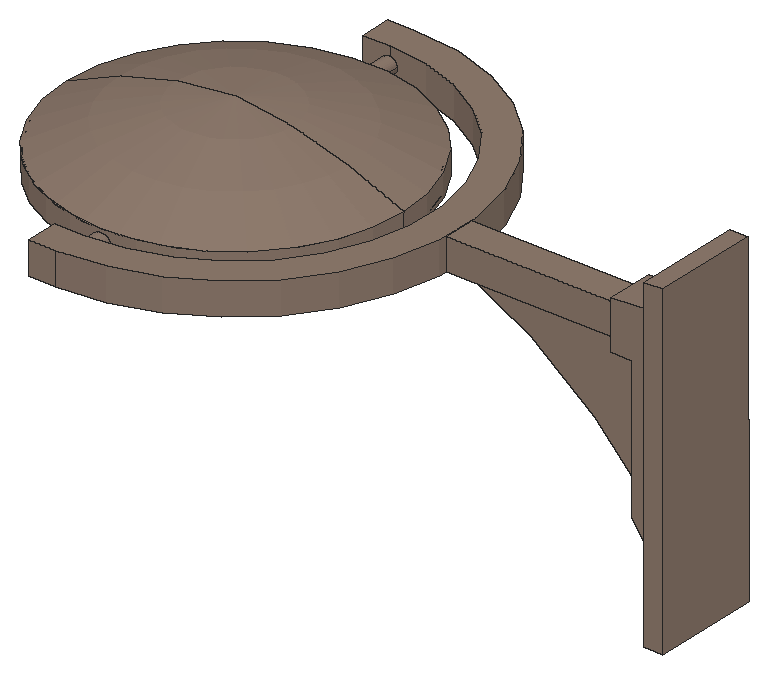
Revit family "LA6232", category Generic Models, Revit 2014
Parameters
  ARM = Bronze, Architectural
Reference planes (in)
  plane 1 "Center (Front/Back)": y = 0
  plane 2: z = 0
  plane 3 "Center (Left/Right)": x = 0
  plane 4: y = 2.5
  plane 5: y = -2.5
Forms (in)
  Extrusion 1, solid, material "Bronze, Architectural" <- "ARM"
    sketch origin (0.65942, 0, 1.07901) x (1, 0, 0) y (0, 0, 1)
      loop
        line (-1.53442, 16.55097) -> (-4.19457, 16.37362) -> (-4.19457, 14.125) -> (-3.19457, 14.08134) -> (-3.19457, 7.5625) -> (-1.53442, 5.07941) -> (-1.53442, 16.55097)
    from -1.125 to 1.125
  Revolve 2, solid, material "Bronze, Architectural" <- "ARM"
    sketch origin (2.43749, 0, 0.98452) x (1, 0, 0) y (0, 0, 1)
      loop
        line (-30.12499, 15.32822) -> (-30.12499, 15.42036) -> (-30.51524, 15.42036)
        arc (-30.51524, 15.42036) -> (-30.59407, 15.39211) -> (-30.63699, 15.32021) r 0.12408
        line (-30.63699, 15.32021) -> (-30.9417, 14.39095) -> (-31.15772, 14.39095)
        arc (-31.15772, 14.39095) -> (-31.19351, 14.38) -> (-31.21706, 14.35091) r 0.064
        line (-31.21706, 14.35091) -> (-31.33469, 14.05964) -> (-31.55906, 14.05964) -> (-32.10185, 14.86424) -> (-32.10185, 15.80574) -> (-32.19185, 15.80574) -> (-32.19185, 14.8785)
        arc (-32.19185, 14.8785) -> (-32.18589, 14.83862) -> (-32.16853, 14.80223) r 0.13638
        line (-32.16853, 14.80223) -> (-31.62465, 13.99601)
        arc (-31.62465, 13.99601) -> (-31.60218, 13.97578) -> (-31.57284, 13.96847) r 0.0625
        line (-31.57284, 13.96847) -> (-31.3192, 13.96847)
        arc (-31.3192, 13.96847) -> (-31.28599, 13.97862) -> (-31.26414, 14.00561) r 0.05939
        line (-31.26414, 14.00561) -> (-31.14077, 14.31095) -> (-30.87321, 14.31095) -> (-30.55147, 15.29217)
        arc (-30.55147, 15.29217) -> (-30.53585, 15.31806) -> (-30.50737, 15.32822) r 0.045
        line (-30.50737, 15.32822) -> (-30.12499, 15.32822)
      axis (-24.43749, 15.80574) -> (-24.43749, 13.96847)
    angle from 0 to 360
  Revolve 3, solid, material "Bronze, Architectural" <- "ARM"
    sketch origin (2.43749, 0, 0.98452) x (1, 0, 0) y (0, 0, 1)
      loop
        line (-32.3101, 15.85573) -> (-32.3101, 14.82724) -> (-32.2201, 14.82724) -> (-32.2201, 15.80135)
        arc (-32.2201, 15.80135) -> (-28.44288, 17.26338) -> (-24.43749, 17.86486) r 18.42647
        line (-24.43749, 17.86486) -> (-24.43749, 17.95477)
        arc (-24.43749, 17.95477) -> (-28.49068, 17.34364) -> (-32.3101, 15.85573) r 18.51631
      axis (-24.43749, 17.95477) -> (-24.43749, 14.82724)
    angle from 0 to 360
  Extrusion 4, solid, material "Bronze, Architectural" <- "ARM"
    sketch origin (0.65942, 0, 1.07901) x (1, 0, 0) y (0, 0, 1)
      loop
        line (-12.44457, 15.99053) -> (-12.44457, 14.5) -> (-3.7069, 14.5) -> (-3.7069, 15.99053) -> (-12.44457, 15.99053)
    from -0.75 to 0.75
  Extrusion 5, solid, material "Bronze, Architectural" <- "ARM"
    sketch origin (0.65942, 0, 1.07901) x (1, 0, 0) y (0, 0, 1)
      loop
        arc (-12.19435, 14.5) -> (-7.24357, 11.61618) -> (-3.19457, 7.5625) r 22.22394
        line (-3.19457, 7.5625) -> (-3.19457, 14.5) -> (-12.19435, 14.5)
    from -0.0625 to 0.0625
  Extrusion 6, solid, material "Bronze, Architectural" <- "ARM"
    sketch origin (0, -10.5, -4.5) x (0, -1, 0) y (1, 0, 0)
      loop
        line (-1.5, -22) -> (-1.5, -23.25) -> (0, -23.25) -> (0, -22)
        arc (0, -22) -> (-10.5, -11.5) -> (-21, -22) r 10.5
        line (-21, -22) -> (-21, -23.25) -> (-19.5, -23.25) -> (-19.5, -22)
        arc (-19.5, -22) -> (-10.5, -13) -> (-1.5, -22) r 9
    from 20.07028 to 21.58773
  Revolve 7, solid, material "Bronze, Architectural" <- "ARM"
    sketch origin (0, -10.5, 16.32031) x (0, -1, 0) y (1, 0, 0)
      loop
        line (-1.43859, -22.375) -> (-1.43859, -22) -> (-2.68859, -22) -> (-2.68859, -22.375) -> (-1.43859, -22.375)
      loop
        line (-19.56141, -22.375) -> (-18.31141, -22.375) -> (-18.31141, -22) -> (-19.56141, -22) -> (-19.56141, -22.375)
      axis (-1.43859, -22) -> (-19.56141, -22)
    angle from 0 to 360
  Extrusion 8, solid, material "Bronze, Architectural" <- "ARM"
    sketch origin (0, 0, 0) x (1, 0, 0) y (0, 0, 1)
      loop
        line (0, 19.67971) -> (-0.875, 19.64151) -> (-0.875, 4.39151) -> (0, 4.3533) -> (0, 19.67971)
    from -2.5 to 2.5
Cuts and joins
  joined: Extrusion 1, Extrusion 8
  joined: Extrusion 4, Extrusion 6
Dimensions and locks (in)
  aligned and locked: plane 2 to level
